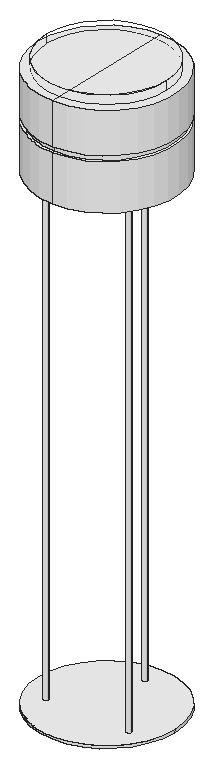
Revit family "32L-C-P-ID", category Lighting Fixtures, host Face, Revit 2014
Parameters (values of type "32L-C-P-ID")
  Watts = 7 W
  Wattage = 7 W
  Warranty = "5 years Warranty"  # constant formula
  built-in parameter 1150110 = 1 (stored number, unit not read)
  Voltage = 120 V
  URL = "https://www.hubbell.com/litecontrol/en/"
  Type Comments = "Lighting Fixtures"  # constant formula
  built-in parameter 1114217 = 1 (stored number, unit not read)
  Tilt Angle = 90.00°
  built-in parameter 1150109 = 1 (stored number, unit not read)
  built-in parameter 1150134 = (empty or 0)
  built-in parameter 1150113 = 1 (stored number, unit not read)
  Product Page URL = "https://www.hubbell.com/litecontrol/en/Products/Lighting-Controls/Commercial-Indoor-Lighting/Pendant-Lighting/Inde-Pendant-32-LED-Cylinder-Pendant-IndirectDirect/p/2126529"
  Product Documentation Link = "https://hubbellcdn.com/specsheet/32L-C-P-ID.pdf"
  Power Factor = 1
  Photometric Web File = "32L-C-P-ID-C1-AC1-30K-I265-D055.IES"
  Photometric Notes = "More IES files downloaded in the Photometric Link"  # constant formula
  Photometric Link = "https://www.hubbell.com/litecontrol/en/Products/Lighting-Controls/Commercial-Indoor-Lighting/Pendant-Lighting/Inde-Pendant-32-LED-Cylinder-Pendant-IndirectDirect/p/2126529"
  Pendant Height = 2' - 0"
  Model = "32L-C-P-ID"  # constant formula
  Material = Hubbell - White
  Manufacturer = "Lite Control"  # constant formula
  built-in parameter 1150105 = 82.744 (stored number, unit not read)
  Lumens = 1039.79 lm
  built-in parameter 1150115 = 1 (stored number, unit not read)
  Load Classification = Lighting
  built-in parameter 1150137 = (empty or 0)
  built-in parameter 1150139 = (empty or 0)
  built-in parameter 1150112 = 1 (stored number, unit not read)
  built-in parameter 1150114 = 1 (stored number, unit not read)
  Lamp = "LED"
  built-in parameter 1150132 = (empty or 0)
  built-in parameter 1150102 = (empty or 0)
  built-in parameter 1150107 = 3000 (stored number, unit not read)
  built-in parameter 1150138 = (empty or 0)
  built-in parameter 1150106 = 0.82744 (stored number, unit not read)
  Glass = Glass - Hubbell - White
  Emit from Circle Diameter = 0' - 6"
  Emit Shape Visible in Rendering = no
  built-in parameter 1150104 = 13.8 (stored number, unit not read)
  Dimming Lamp Color Temperature Shift = <None>
  Description = "Inde-Pendant 32 LED Cylinder Pendant Indirect/Direct"  # constant formula
  Default Elevation = 4' - 0"
  Create Date = "05/18/2018"  # constant formula
  Copyright = "Copyright © 2017 Litecontrol"  # constant formula
  Contact Us = "https://www.hubbell.com/litecontrol/en/contactUs?productId=2126531"
  Color Filter = 16777215
  built-in parameter 1114218 = 1 (stored number, unit not read)
  built-in parameter 1150133 = 10 (stored number, unit not read)
  Assembly Code = "D5020210"
  Apparent Load = 0 VA
Reference planes (in)
  plane 1 "Center (Front/Back)": y = 0
  plane 2: z = 0
  plane 3 "Center (Left/Right)": x = 0
  plane 4: z = 0
  plane 5: y = 10
  plane 6: y = -10
  plane 7: z = 24
  plane 8: z = 0.125
  plane 9: z = 29
Forms (in)
  Extrusion 1, solid, material "Hubbell - White" <- "Material"
    sketch origin (0, 0, 0) x (1, 0, 0) y (0, 1, 0)
      loop
        circle (0, 0) r 3.4
    from 0 to 0.125
  Extrusion 2, solid, material "Hubbell - White" <- "Material"
    sketch origin (0, 0, 0) x (1, 0, 0) y (0, 1, 0)
      loop
        circle (0, 2.39747) r 0.125
      loop
        circle (-2.07627, -1.19874) r 0.125
      loop
        circle (2.07627, -1.19874) r 0.125
    from 0.125 to 24
Dimensions and locks (in)
  equal spacing: plane 5, plane 1 "Center (Front/Back)", plane 6
  plane 5 to plane 6 = 1' - 8"
  plane 1 "Center (Front/Back)" to plane 5 = 0' - 10"
  "Pendant Height": plane 7 to plane 4
  locked: plane 8 to plane 4 at 0.125
  locked: plane 9 to plane 7 at 5
  aligned and locked: plane 2 to host face
  aligned and locked: level to host face
  aligned and locked: plane 1 "Center (Front/Back)" to imposter light
  aligned and locked: plane 2 to plane 4
  aligned and locked: plane 8 to Extrusion 1
  aligned and locked: plane 7 to Extrusion 2
  aligned and locked: Extrusion 1 to plane 2
  aligned and locked: Extrusion 2 to plane 8
  aligned and locked: nested 1 to plane 3 "Center (Left/Right)"
  aligned and locked: plane 1 "Center (Front/Back)" to nested 1
  aligned and locked: plane 9 to imposter light
  aligned and locked: imposter light to plane 3 "Center (Left/Right)"
Automatic sketch dimensions
  host sketch curve to host sketch curve = 8' - 0"  (x2)
  plane 1 "Center (Front/Back)" to Extrusion 1 sketch curve = 0' - 0"
  Extrusion 1 sketch curve to plane 3 "Center (Left/Right)" = 0' - 0"
  Extrusion 2 sketch curve to plane 3 "Center (Left/Right)" = 0' - 0"
  Extrusion 2 sketch curve to plane 3 "Center (Left/Right)" = 0' - 2.07627"
  plane 3 "Center (Left/Right)" to Extrusion 2 sketch curve = 0' - 2.07627"
  plane 1 "Center (Front/Back)" to Extrusion 2 sketch curve = 0' - 1.19874"  (x2)
  Extrusion 2 sketch curve to plane 1 "Center (Front/Back)" = 0' - 2.39747"
  radius of Extrusion 1 sketch curve = 0' - 3.4"
  radius of Extrusion 2 sketch curve = 0' - 0 1/8"  (x3)
Nested families (in)
  nested 1: "32L-C-P-D" at (0, 0, 24) x (0, -1, 0) z (0, 0, 1), type "32L-C-P-D"
Connectors (in)
  electrical at (0, 0, 0.125), driven by "Load Classification", driven by "Voltage", driven by "Apparent Load", driven by "Power Factor"
    settings: on Extrusion 1, index 1, voltage 120 V, apparent load 0 VA, apparent load phase1 0 VA, apparent load phase2 0 VA, apparent load phase3 0 VA, power factor 1, load classification "Lighting", number of poles 1, system type 30, power factor state 1, is connector primary yes, connector utility no, sub classification motor no, connector description "Electrical Connector"
Definition of nested family "32L-C-P-D"
  Parameters (values of type "32L-C40-P-D")
    Voltage = 120 V
    URL = "http://www.litecontrol.com/"
    Product Page URL = "http://www.litecontrol.com/products/independant_32_led_cylinder_ring_pendant_direct"
    Product Documentation Link = "http://cdn.litecontrol.com/content/products/specs/specs_files/32L-CR-P-D.pdf"
    Pendant Height [instance] = 1' - 2.62"
    Model = "32L-CR40-P-D"  # constant formula
    Material = none
    Manufacturer Phone = "781-294-0100 "  # constant formula
    Manufacturer Fax = "781-293-2849"  # constant formula
    Manufacturer = "Lite Control"  # constant formula
    Lamp = "LED"
    Glass = none
    Description = "Inde-Pendant 32 LED Cylinder & Ring Pendant Direct"  # constant formula
    Default Elevation = 4' - 0"
    Assembly Code = "D5020210"
    Apparent Load = 0 VA
  Reference planes (in)
    plane 1 "Center (Front/Back)": y = 0
    plane 2: z = 0
    plane 3 "Center (Left/Right)": x = 0
    plane 4: z = 0
    plane 5: y = 10
    plane 6: y = -10
    plane 7: x = -20
    plane 8: x = 20
    plane 9: z = 4.6
    plane 10: z = 14.62
    plane 11: z = 17.09
  Forms (in)
    Extrusion 1, solid
      sketch origin (0, 0, 0) x (1, 0, 0) y (0, 1, 0)
        loop
          line (-48, 48) -> (-48, -48) -> (48, -48) -> (48, 48) -> (-48, 48)
      from 0 to -4.24227
    Revolve 2, solid, material <- "Material"
      sketch origin (0, 0, 0) x (1, 0, 0) y (0, 0, 1)
        loop
          line (0, 4.6) -> (-3.405, 4.6) -> (-3.405, 2.57) -> (-3.26438, 2.57) -> (-3.26438, 2.3) -> (-3.405, 2.3) -> (-3.405, 0) -> (0, 0) -> (0, 4.6)
        axis (0, 4.6) -> (0, 0)
      angle from 0 to 360
    Extrusion 3, solid, material <- "Glass"
      sketch origin (0, 0, 4.6) x (0, 1, 0) y (-1, 0, 0)
        loop
          circle (0, 0) r 3
      from 0 to 0.44646
  Dimensions and locks (in)
    equal spacing: plane 7, plane 3 "Center (Left/Right)", plane 8
    plane 7 to plane 8 = 3' - 4"
    equal spacing: plane 5, plane 1 "Center (Front/Back)", plane 6
    plane 5 to plane 6 = 1' - 8"
    plane 1 "Center (Front/Back)" to plane 5 = 0' - 10"
    locked: plane 9 to plane 4 at 4.6
    locked: plane 10 to plane 4 at 14.62
    locked: plane 11 to plane 10 at 2.47
    "Pendant Height": plane 10 to plane 2
    aligned and locked: plane 2 to Extrusion 1
    aligned and locked: level to Extrusion 1
    aligned and locked: plane 9 to Revolve 2 sketch curve
  Automatic sketch dimensions
    Extrusion 1 sketch curve to Extrusion 1 sketch curve = 8' - 0"  (x2)
    Revolve 2 sketch curve to level = 0' - 0"  (x2)
    Revolve 2 sketch curve to plane 3 "Center (Left/Right)" = 0' - 0"  (x2)
    level to Revolve 2 sketch curve = 0' - 2.3"
    Revolve 2 sketch curve to plane 3 "Center (Left/Right)" = 0' - 3.405"
    Revolve 2 sketch curve to Revolve 2 sketch curve = 0' - 0"
    Revolve 2 sketch curve to Revolve 2 sketch curve = 0' - 0 9/64"
    Revolve 2 sketch curve to Revolve 2 sketch curve = 0' - 0.27"
    plane 11 to Revolve 2 sketch curve = 0' - 8.91"
    radius of Extrusion 3 sketch curve to Revolve 2 = 0' - 0.405"
